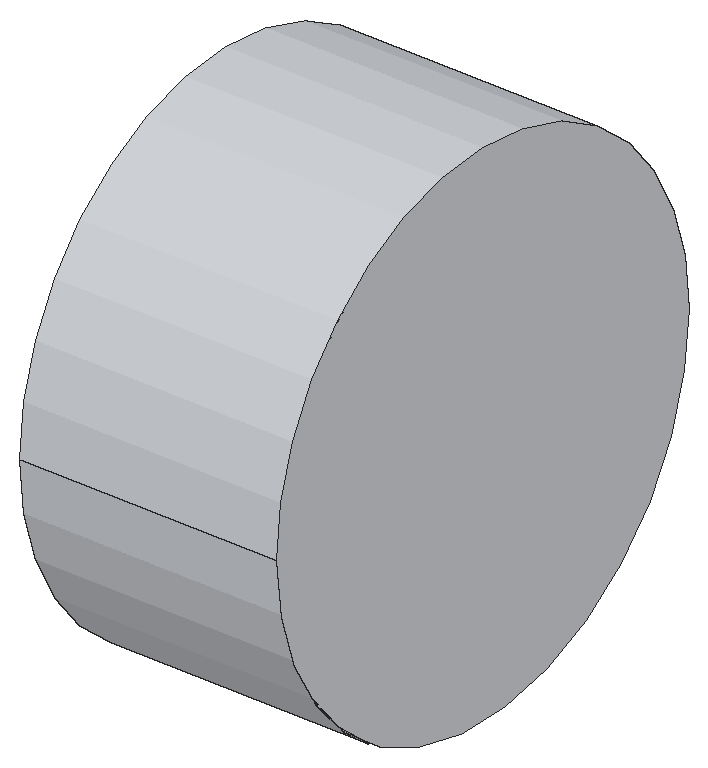
Revit family "M_커플링 - 일반", category 배관 부속류, Revit 2023
Family settings
  원형 커넥터 치수 = 반지름 사용
  부품 유형 = 결합
  OmniClass 번호 = 23.60.30.11.14
  OmniClass 제목 = Pipework Fittings
  작업 기준면 기반 = 아니오
  항상 수직 = 예
  로드될 때 보이드를 사용하여 절단 = 아니오
  공유 = 아니오
Parameters (values of type "표준")
  눈금 크기 [instance] = 장치 외부 지름 * 0.4  # 11.43 mm
  기본 높이 = 0 mm
  공칭 반지름 [instance] = 12.5 mm
  공칭 지름 [instance] = 공칭 반지름 * 2  # 25 mm
  손실 방법 = 정의 안 됨
  조회 테이블 이름 = "M_Pipe Fitting - Generic"
  길이 [instance] = 장치 외부 반지름  # 14.288 mm
  K 계수 테이블 = "Reducer/Coupling/Union/Increaser"
  장치 외부 반지름 [instance] = 장치 외부 지름 / 2  # 14.288 mm
  장치 외부 지름 [instance] = size_lookup(조회 테이블 이름, "FOD", 공칭 지름 + 3.175 mm, 공칭 지름)  # 28.575 mm
Reference planes
  plane 1 "중심(앞/뒤)": y = 0
  plane 2: z = 0
  plane 3 "중심(왼쪽/오른쪽)": x = 0
  plane 4: x = -7.144
  plane 5: x = 7.144
  plane 6: y = 11.43
  plane 7: y = -11.43
Forms (mm)
  Extrusion 1, solid, detail levels fine
    sketch origin (0, 0, 0) x (0, 1, 0) y (0, 0, 1)
      loop
        circle (0, 0) r 14.288
    from -7.144 to 7.144
Lines and regions (mm)
  model lines, detail levels coarse+medium
    curve 1: line (-7.144, 0, 0) -> (7.144, 0, 0)
    curve 2: line (-7.144, 11.43, 0) -> (-7.144, -11.43, 0)
    curve 3: line (7.144, 11.43, 0) -> (7.144, -11.43, 0)
Dimensions and locks
  equal spacing: plane 4, plane 3 "중심(왼쪽/오른쪽)", plane 5
  "길이": plane 4 to plane 5
  "눈금 크기": plane 6 to plane 1 "중심(앞/뒤)"
  "눈금 크기": plane 7 to plane 1 "중심(앞/뒤)"
  "장치 외부 반지름": radius of Extrusion 1 sketch curve
  aligned and locked: plane 2 to Extrusion 1 sketch curve
  aligned and locked: plane 1 "중심(앞/뒤)" to Extrusion 1 sketch curve
  aligned and locked: Extrusion 1 to plane 4
  aligned and locked: Extrusion 1 to plane 5
  aligned and locked: plane 6 to curve 2
  aligned and locked: plane 7 to curve 2
  aligned and locked: curve 2 to plane 4
  aligned and locked: plane 6 to curve 3
  aligned and locked: plane 7 to curve 3
  aligned and locked: plane 5 to curve 3
  aligned and locked: plane 4 to curve 1
  aligned and locked: plane 5 to curve 1
  aligned and locked: plane 1 "중심(앞/뒤)" to curve 1
Connectors
  piping at (-7.144, 0, 0), diameter 25, driven by "공칭 반지름"
    settings: on Extrusion 1, index 1, connector inside diameter 25 mm, connector length 0 mm, flow factor 0, pipe flow 0.0 L/s, pressure drop 0.0 Pa, fitting loss kfactor 0, connector angle 0.00°, fixture units 0, engagement length 0 mm, angle of deflection 0.00°, flow configuration 0, flow direction 0, fitting loss method 0, system type 28, joint type 0, gender type 0, connector reference index 2, connector utility 0, adjustable connector no, is connector primary yes, connector description ""
  piping at (7.144, 0, 0), diameter 25, driven by "공칭 반지름"
    settings: on Extrusion 1, index 2, connector inside diameter 25 mm, connector length 0 mm, flow factor 0, pipe flow 0.0 L/s, pressure drop 0.0 Pa, fitting loss kfactor 0, connector angle 0.00°, fixture units 0, engagement length 0 mm, angle of deflection 0.00°, flow configuration 0, flow direction 0, fitting loss method 0, system type 28, joint type 0, gender type 0, connector reference index 1, connector utility 0, adjustable connector no, is connector primary no, connector description ""
